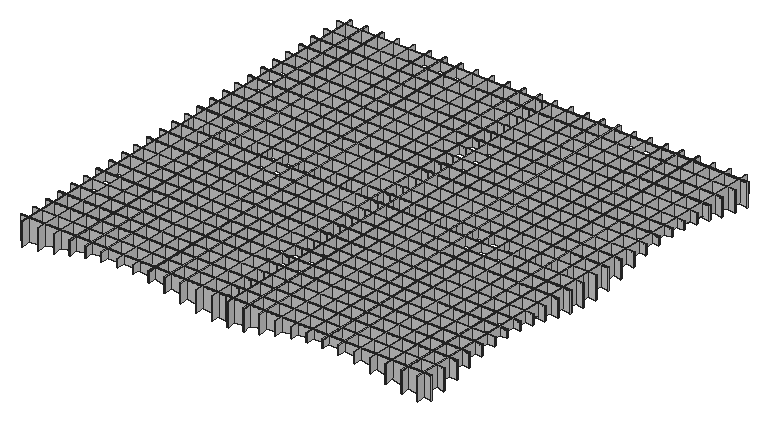
Revit family "CLD-WFL-002_RFA", category Modelos genéricos, Revit 2022 (continued)
Forms (in)
  Extrusion 290, solid
    sketch origin (95.66311, 216, 0) x (0, -1, 0) y (0, 0, 1)
      loop
        spline (29.30922, 5.35101) -> (29.95995, 5.42391) -> (30.61094, 5.49516) -> (31.26223, 5.56472) -> (31.91387, 5.63257) -> (32.56591, 5.69867) -> (33.21841, 5.763) -> (33.87141, 5.82551) -> (34.52497, 5.88618) -> (35.17914, 5.94498) -> (35.83396, 6.00187) -> (36.48949, 6.05683) -> (37.14578, 6.10982)
        spline (37.14578, 6.10982) -> (37.87194, 6.16453) -> (38.59907, 6.21702) -> (39.32723, 6.26723) -> (40.05647, 6.31514) -> (40.78684, 6.36072) -> (41.51831, 6.40397) -> (42.25083, 6.44489) -> (42.98434, 6.4835) -> (43.71879, 6.51981) -> (44.45413, 6.55383) -> (45.19029, 6.58557) -> (45.92722, 6.61503)
        spline (45.92722, 6.61503) -> (46.57816, 6.6376) -> (47.22964, 6.65822) -> (47.88162, 6.67689) -> (48.53404, 6.69363) -> (49.18687, 6.70845) -> (49.84004, 6.72134) -> (50.49352, 6.73234) -> (51.14725, 6.74143) -> (51.80119, 6.74863) -> (52.45529, 6.75396) -> (53.1095, 6.75742) -> (53.76378, 6.75901)
        spline (53.76378, 6.75901) -> (54.49695, 6.7572) -> (55.23004, 6.75331) -> (55.96301, 6.74732) -> (56.6958, 6.73922) -> (57.42835, 6.72901) -> (58.16062, 6.71667) -> (58.89255, 6.7022) -> (59.62408, 6.68557) -> (60.35517, 6.66679) -> (61.08576, 6.64585) -> (61.81579, 6.62272) -> (62.54522, 6.59741)
        spline (62.54522, 6.59741) -> (63.20286, 6.57112) -> (63.85981, 6.54281) -> (64.51602, 6.51247) -> (65.17144, 6.48008) -> (65.82603, 6.44563) -> (66.47973, 6.40912) -> (67.1325, 6.37054) -> (67.78428, 6.32988) -> (68.43505, 6.28713) -> (69.08486, 6.24233) -> (69.73376, 6.19551) -> (70.38178, 6.14669)
        spline (70.38178, 6.14669) -> (71.1172, 6.08737) -> (71.85177, 6.02584) -> (72.58554, 5.96214) -> (73.31858, 5.89631) -> (74.05094, 5.82838) -> (74.78268, 5.75838) -> (75.51386, 5.68636) -> (76.24452, 5.61234) -> (76.97473, 5.53637) -> (77.70455, 5.45847) -> (78.43403, 5.37869) -> (79.16322, 5.29705)
        spline (79.16322, 5.29705) -> (79.81589, 5.22111) -> (80.46845, 5.14359) -> (81.12094, 5.06452) -> (81.77342, 4.98394) -> (82.42595, 4.90188) -> (83.07858, 4.81837) -> (83.73137, 4.73344) -> (84.38439, 4.64713) -> (85.03768, 4.55947) -> (85.6913, 4.47048) -> (86.34531, 4.3802) -> (86.99978, 4.28866)
        spline (86.99978, 4.28866) -> (87.72677, 4.18488) -> (88.45442, 4.07981) -> (89.1828, 3.97349) -> (89.91197, 3.86595) -> (90.64199, 3.75723) -> (91.37293, 3.64737) -> (92.10485, 3.53639) -> (92.8378, 3.42433) -> (93.57186, 3.31123) -> (94.30709, 3.19712) -> (95.04354, 3.08203) -> (95.78122, 2.96599)
        spline (95.78122, 2.96599) -> (96.4698, 2.85601) -> (97.15931, 2.74512) -> (97.84968, 2.63332) -> (98.54085, 2.52058) -> (99.23273, 2.40692) -> (99.92527, 2.2923) -> (100.61838, 2.17673) -> (101.31201, 2.06019) -> (102.00608, 1.94268) -> (102.70052, 1.82418) -> (103.39525, 1.70469) -> (104.09022, 1.58418)
        spline (104.09022, 1.58418) -> (104.41609, 1.52715) -> (104.74197, 1.46988) -> (105.06787, 1.41237) -> (105.39376, 1.35462) -> (105.71965, 1.29662) -> (106.04553, 1.23838) -> (106.37138, 1.1799) -> (106.6972, 1.12116) -> (107.02298, 1.06219) -> (107.34871, 1.00296) -> (107.67439, 0.94348) -> (108, 0.88375)
        line (108, 0.88375) -> (108, 11.82144)
    from -0.11811 to 0.35433
  Extrusion 291, solid
    sketch origin (95.78122, 216, 0) x (0, -1, 0) y (0, 0, 1)
      loop
        line (108, 11.82144) -> (0, 11.82144) -> (0, 0.88375)
        spline (0, 0.88375) -> (0.32561, 0.94348) -> (0.65129, 1.00296) -> (0.97702, 1.06219) -> (1.3028, 1.12116) -> (1.62862, 1.1799) -> (1.95447, 1.23838) -> (2.28035, 1.29662) -> (2.60624, 1.35462) -> (2.93213, 1.41237) -> (3.25803, 1.46988) -> (3.58391, 1.52715) -> (3.90978, 1.58418)
        spline (3.90978, 1.58418) -> (4.64426, 1.71122) -> (5.37851, 1.8372) -> (6.11243, 1.96212) -> (6.84596, 2.086) -> (7.57903, 2.20885) -> (8.31155, 2.33067) -> (9.04347, 2.45149) -> (9.77469, 2.57131) -> (10.50515, 2.69014) -> (11.23478, 2.80798) -> (11.96349, 2.92486) -> (12.69122, 3.04079)
        spline (12.69122, 3.04079) -> (13.34952, 3.14441) -> (14.00673, 3.24717) -> (14.66285, 3.34906) -> (15.31792, 3.45005) -> (15.97202, 3.55011) -> (16.62518, 3.64921) -> (17.27747, 3.74732) -> (17.92894, 3.8444) -> (18.57965, 3.94043) -> (19.22966, 4.03537) -> (19.87902, 4.12919) -> (20.52778, 4.22187)
        spline (20.52778, 4.22187) -> (21.26116, 4.32437) -> (21.99403, 4.42546) -> (22.72646, 4.52511) -> (23.45852, 4.62328) -> (24.19027, 4.71993) -> (24.92177, 4.81503) -> (25.6531, 4.90854) -> (26.3843, 5.00042) -> (27.11545, 5.09065) -> (27.84662, 5.17918) -> (28.57786, 5.26598) -> (29.30922, 5.35101)
        spline (29.30922, 5.35101) -> (29.95995, 5.42391) -> (30.61094, 5.49516) -> (31.26223, 5.56472) -> (31.91387, 5.63257) -> (32.56591, 5.69867) -> (33.21841, 5.763) -> (33.87141, 5.82551) -> (34.52497, 5.88618) -> (35.17914, 5.94498) -> (35.83396, 6.00187) -> (36.48949, 6.05683) -> (37.14578, 6.10982)
        spline (37.14578, 6.10982) -> (37.87194, 6.16453) -> (38.59907, 6.21702) -> (39.32723, 6.26723) -> (40.05647, 6.31514) -> (40.78684, 6.36072) -> (41.51831, 6.40397) -> (42.25083, 6.44489) -> (42.98434, 6.4835) -> (43.71879, 6.51981) -> (44.45413, 6.55383) -> (45.19029, 6.58557) -> (45.92722, 6.61503)
        spline (45.92722, 6.61503) -> (46.57816, 6.6376) -> (47.22964, 6.65822) -> (47.88162, 6.67689) -> (48.53404, 6.69363) -> (49.18687, 6.70845) -> (49.84004, 6.72134) -> (50.49352, 6.73234) -> (51.14725, 6.74143) -> (51.80119, 6.74863) -> (52.45529, 6.75396) -> (53.1095, 6.75742) -> (53.76378, 6.75901)
        spline (53.76378, 6.75901) -> (54.49695, 6.7572) -> (55.23004, 6.75331) -> (55.96301, 6.74732) -> (56.6958, 6.73922) -> (57.42835, 6.72901) -> (58.16062, 6.71667) -> (58.89255, 6.7022) -> (59.62408, 6.68557) -> (60.35517, 6.66679) -> (61.08576, 6.64585) -> (61.81579, 6.62272) -> (62.54522, 6.59741)
        spline (62.54522, 6.59741) -> (63.20286, 6.57112) -> (63.85981, 6.54281) -> (64.51602, 6.51247) -> (65.17144, 6.48008) -> (65.82603, 6.44563) -> (66.47973, 6.40912) -> (67.1325, 6.37054) -> (67.78428, 6.32988) -> (68.43505, 6.28713) -> (69.08486, 6.24233) -> (69.73376, 6.19551) -> (70.38178, 6.14669)
        spline (70.38178, 6.14669) -> (71.1172, 6.08737) -> (71.85177, 6.02584) -> (72.58554, 5.96214) -> (73.31858, 5.89631) -> (74.05094, 5.82838) -> (74.78268, 5.75838) -> (75.51386, 5.68636) -> (76.24452, 5.61234) -> (76.97473, 5.53637) -> (77.70455, 5.45847) -> (78.43403, 5.37869) -> (79.16322, 5.29705)
        spline (79.16322, 5.29705) -> (79.81589, 5.22111) -> (80.46845, 5.14359) -> (81.12094, 5.06452) -> (81.77342, 4.98394) -> (82.42595, 4.90188) -> (83.07858, 4.81837) -> (83.73137, 4.73344) -> (84.38439, 4.64713) -> (85.03768, 4.55947) -> (85.6913, 4.47048) -> (86.34531, 4.3802) -> (86.99978, 4.28866)
        spline (86.99978, 4.28866) -> (87.72677, 4.18488) -> (88.45442, 4.07981) -> (89.1828, 3.97349) -> (89.91197, 3.86595) -> (90.64199, 3.75723) -> (91.37293, 3.64737) -> (92.10485, 3.53639) -> (92.8378, 3.42433) -> (93.57186, 3.31123) -> (94.30709, 3.19712) -> (95.04354, 3.08203) -> (95.78122, 2.96599)
        spline (95.78122, 2.96599) -> (96.4698, 2.85601) -> (97.15931, 2.74512) -> (97.84968, 2.63332) -> (98.54085, 2.52058) -> (99.23273, 2.40692) -> (99.92527, 2.2923) -> (100.61838, 2.17673) -> (101.31201, 2.06019) -> (102.00608, 1.94268) -> (102.70052, 1.82418) -> (103.39525, 1.70469) -> (104.09022, 1.58418)
        spline (104.09022, 1.58418) -> (104.41609, 1.52715) -> (104.74197, 1.46988) -> (105.06787, 1.41237) -> (105.39376, 1.35462) -> (105.71965, 1.29662) -> (106.04553, 1.23838) -> (106.37138, 1.1799) -> (106.6972, 1.12116) -> (107.02298, 1.06219) -> (107.34871, 1.00296) -> (107.67439, 0.94348) -> (108, 0.88375)
        line (108, 0.88375) -> (108, 11.82144)
    from -0.11811 to 0
  Extrusion 292, solid
    sketch origin (103.49967, 216, 0) x (0, -1, 0) y (0, 0, 1)
      loop
        line (108, 11.82144) -> (0, 11.82144) -> (0, 0)
        spline (0, 0) -> (0.32561, 0.03535) -> (0.65129, 0.07108) -> (0.97702, 0.10719) -> (1.3028, 0.14369) -> (1.62862, 0.18058) -> (1.95447, 0.21788) -> (2.28035, 0.25557) -> (2.60624, 0.29369) -> (2.93213, 0.33222) -> (3.25803, 0.37118) -> (3.58391, 0.41056) -> (3.90978, 0.45039)
        spline (3.90978, 0.45039) -> (4.64427, 0.54331) -> (5.37851, 0.63835) -> (6.11243, 0.73557) -> (6.84597, 0.83501) -> (7.57904, 0.93675) -> (8.31156, 1.04084) -> (9.04347, 1.14734) -> (9.7747, 1.25631) -> (10.50516, 1.36779) -> (11.23478, 1.48186) -> (11.96349, 1.59857) -> (12.69122, 1.71798)
        spline (12.69122, 1.71798) -> (13.38922, 1.83797) -> (14.08606, 1.96074) -> (14.78174, 2.08623) -> (15.47631, 2.21426) -> (16.16984, 2.34463) -> (16.86238, 2.47718) -> (17.55399, 2.61172) -> (18.24473, 2.74807) -> (18.93467, 2.88604) -> (19.62386, 3.02546) -> (20.31235, 3.16614) -> (21.00022, 3.30789)
        spline (21.00022, 3.30789) -> (21.65469, 3.44372) -> (22.3087, 3.5801) -> (22.96232, 3.71687) -> (23.61561, 3.85384) -> (24.26863, 3.99083) -> (24.92142, 4.12768) -> (25.57405, 4.2642) -> (26.22658, 4.40021) -> (26.87906, 4.53554) -> (27.53155, 4.67001) -> (28.18411, 4.80344) -> (28.83678, 4.93566)
        spline (28.83678, 4.93566) -> (29.71888, 5.11051) -> (30.60133, 5.28308) -> (31.48418, 5.45313) -> (32.36752, 5.62042) -> (33.25139, 5.78471) -> (34.13589, 5.94577) -> (35.02106, 6.10336) -> (35.90699, 6.25724) -> (36.79374, 6.40717) -> (37.68137, 6.55291) -> (38.56997, 6.69423) -> (39.45958, 6.83089)
        spline (39.45958, 6.83089) -> (39.81456, 6.88206) -> (40.17002, 6.93114) -> (40.52597, 6.97806) -> (40.88246, 7.0227) -> (41.2395, 7.065) -> (41.59707, 7.10495) -> (41.95516, 7.14258) -> (42.31373, 7.17791) -> (42.67277, 7.21097) -> (43.03223, 7.2418) -> (43.3921, 7.27043) -> (43.75234, 7.29687)
        spline (43.75234, 7.29687) -> (44.62318, 7.35197) -> (45.49474, 7.40207) -> (46.36696, 7.44722) -> (47.23979, 7.48751) -> (48.11314, 7.52299) -> (48.98697, 7.55374) -> (49.8612, 7.57983) -> (50.73577, 7.60132) -> (51.61063, 7.61828) -> (52.48569, 7.63078) -> (53.36091, 7.63889) -> (54.23622, 7.64268)
        spline (54.23622, 7.64268) -> (54.8905, 7.63994) -> (55.54471, 7.63396) -> (56.19881, 7.62471) -> (56.85275, 7.61212) -> (57.50648, 7.59614) -> (58.15996, 7.57673) -> (58.81313, 7.55383) -> (59.46596, 7.5274) -> (60.11838, 7.49738) -> (60.77036, 7.46371) -> (61.42184, 7.42635) -> (62.07278, 7.38525)
        spline (62.07278, 7.38525) -> (62.80971, 7.33115) -> (63.54587, 7.27259) -> (64.28121, 7.20951) -> (65.01566, 7.14186) -> (65.74917, 7.06957) -> (66.48169, 6.99259) -> (67.21316, 6.91086) -> (67.94353, 6.82432) -> (68.67277, 6.73297) -> (69.40093, 6.637) -> (70.12806, 6.53658) -> (70.85422, 6.4319)
        spline (70.85422, 6.4319) -> (71.51051, 6.33081) -> (72.16604, 6.22628) -> (72.82086, 6.11849) -> (73.47503, 6.00761) -> (74.12859, 5.89382) -> (74.78159, 5.7773) -> (75.43409, 5.65821) -> (76.08613, 5.53673) -> (76.73777, 5.41305) -> (77.38906, 5.28733) -> (78.04005, 5.15975) -> (78.69078, 5.03049)
        spline (78.69078, 5.03049) -> (79.42214, 4.88265) -> (80.15338, 4.73345) -> (80.88454, 4.58309) -> (81.6157, 4.43177) -> (82.3469, 4.27969) -> (83.07823, 4.12703) -> (83.80973, 3.97401) -> (84.54148, 3.82083) -> (85.27354, 3.66767) -> (86.00597, 3.51473) -> (86.73884, 3.36223) -> (87.47222, 3.21035)
        spline (87.47222, 3.21035) -> (88.12098, 3.07725) -> (88.77034, 2.94516) -> (89.42035, 2.81427) -> (90.07106, 2.68474) -> (90.72253, 2.55674) -> (91.37482, 2.43044) -> (92.02798, 2.30602) -> (92.68208, 2.18365) -> (93.33715, 2.0635) -> (93.99327, 1.94575) -> (94.65048, 1.83055) -> (95.30878, 1.71798)
        spline (95.30878, 1.71798) -> (96.03651, 1.59857) -> (96.76522, 1.48186) -> (97.49484, 1.36779) -> (98.2253, 1.25631) -> (98.95653, 1.14734) -> (99.68844, 1.04084) -> (100.42096, 0.93675) -> (101.15403, 0.83501) -> (101.88757, 0.73557) -> (102.62149, 0.63835) -> (103.35573, 0.54331) -> (104.09022, 0.45039)
        spline (104.09022, 0.45039) -> (104.41609, 0.41056) -> (104.74197, 0.37118) -> (105.06787, 0.33222) -> (105.39376, 0.29369) -> (105.71965, 0.25557) -> (106.04553, 0.21788) -> (106.37138, 0.18058) -> (106.6972, 0.14369) -> (107.02298, 0.10719) -> (107.34871, 0.07108) -> (107.67439, 0.03535) -> (108, 0)
        line (108, 0) -> (108, 11.82144)
    from -0.11811 to 0
  Extrusion 293, solid
    sketch origin (104.09022, 216, 0) x (0, -1, 0) y (0, 0, 1)
      loop
        line (108, 11.82144) -> (0, 11.82144) -> (0, 0)
        spline (0, 0) -> (0.32561, 0.03535) -> (0.65129, 0.07108) -> (0.97702, 0.10719) -> (1.3028, 0.14369) -> (1.62862, 0.18058) -> (1.95447, 0.21788) -> (2.28035, 0.25557) -> (2.60624, 0.29369) -> (2.93213, 0.33222) -> (3.25803, 0.37118) -> (3.58391, 0.41056) -> (3.90978, 0.45039)
        spline (3.90978, 0.45039) -> (4.64427, 0.54331) -> (5.37851, 0.63835) -> (6.11243, 0.73557) -> (6.84597, 0.83501) -> (7.57904, 0.93675) -> (8.31156, 1.04084) -> (9.04347, 1.14734) -> (9.7747, 1.25631) -> (10.50516, 1.36779) -> (11.23478, 1.48186) -> (11.96349, 1.59857) -> (12.69122, 1.71798)
        spline (12.69122, 1.71798) -> (13.38922, 1.83797) -> (14.08606, 1.96074) -> (14.78174, 2.08623) -> (15.47631, 2.21426) -> (16.16984, 2.34463) -> (16.86238, 2.47718) -> (17.55399, 2.61172) -> (18.24473, 2.74807) -> (18.93467, 2.88604) -> (19.62386, 3.02546) -> (20.31235, 3.16614) -> (21.00022, 3.30789)
        spline (21.00022, 3.30789) -> (21.65469, 3.44372) -> (22.3087, 3.5801) -> (22.96232, 3.71687) -> (23.61561, 3.85384) -> (24.26863, 3.99083) -> (24.92142, 4.12768) -> (25.57405, 4.2642) -> (26.22658, 4.40021) -> (26.87906, 4.53554) -> (27.53155, 4.67001) -> (28.18411, 4.80344) -> (28.83678, 4.93566)
        spline (28.83678, 4.93566) -> (29.71888, 5.11051) -> (30.60133, 5.28308) -> (31.48418, 5.45313) -> (32.36752, 5.62042) -> (33.25139, 5.78471) -> (34.13589, 5.94577) -> (35.02106, 6.10336) -> (35.90699, 6.25724) -> (36.79374, 6.40717) -> (37.68137, 6.55291) -> (38.56997, 6.69423) -> (39.45958, 6.83089)
        spline (39.45958, 6.83089) -> (39.81456, 6.88206) -> (40.17002, 6.93114) -> (40.52597, 6.97806) -> (40.88246, 7.0227) -> (41.2395, 7.065) -> (41.59707, 7.10495) -> (41.95516, 7.14258) -> (42.31373, 7.17791) -> (42.67277, 7.21097) -> (43.03223, 7.2418) -> (43.3921, 7.27043) -> (43.75234, 7.29687)
        spline (43.75234, 7.29687) -> (44.62318, 7.35197) -> (45.49474, 7.40207) -> (46.36696, 7.44722) -> (47.23979, 7.48751) -> (48.11314, 7.52299) -> (48.98697, 7.55374) -> (49.8612, 7.57983) -> (50.73577, 7.60132) -> (51.61063, 7.61828) -> (52.48569, 7.63078) -> (53.36091, 7.63889) -> (54.23622, 7.64268)
        spline (54.23622, 7.64268) -> (54.8905, 7.63994) -> (55.54471, 7.63396) -> (56.19881, 7.62471) -> (56.85275, 7.61212) -> (57.50648, 7.59614) -> (58.15996, 7.57673) -> (58.81313, 7.55383) -> (59.46596, 7.5274) -> (60.11838, 7.49738) -> (60.77036, 7.46371) -> (61.42184, 7.42635) -> (62.07278, 7.38525)
        spline (62.07278, 7.38525) -> (62.80971, 7.33115) -> (63.54587, 7.27259) -> (64.28121, 7.20951) -> (65.01566, 7.14186) -> (65.74917, 7.06957) -> (66.48169, 6.99259) -> (67.21316, 6.91086) -> (67.94353, 6.82432) -> (68.67277, 6.73297) -> (69.40093, 6.637) -> (70.12806, 6.53658) -> (70.85422, 6.4319)
        spline (70.85422, 6.4319) -> (71.51051, 6.33081) -> (72.16604, 6.22628) -> (72.82086, 6.11849) -> (73.47503, 6.00761) -> (74.12859, 5.89382) -> (74.78159, 5.7773) -> (75.43409, 5.65821) -> (76.08613, 5.53673) -> (76.73777, 5.41305) -> (77.38906, 5.28733) -> (78.04005, 5.15975) -> (78.69078, 5.03049)
        spline (78.69078, 5.03049) -> (79.42214, 4.88265) -> (80.15338, 4.73345) -> (80.88454, 4.58309) -> (81.6157, 4.43177) -> (82.3469, 4.27969) -> (83.07823, 4.12703) -> (83.80973, 3.97401) -> (84.54148, 3.82083) -> (85.27354, 3.66767) -> (86.00597, 3.51473) -> (86.73884, 3.36223) -> (87.47222, 3.21035)
        spline (87.47222, 3.21035) -> (88.12098, 3.07725) -> (88.77034, 2.94516) -> (89.42035, 2.81427) -> (90.07106, 2.68474) -> (90.72253, 2.55674) -> (91.37482, 2.43044) -> (92.02798, 2.30602) -> (92.68208, 2.18365) -> (93.33715, 2.0635) -> (93.99327, 1.94575) -> (94.65048, 1.83055) -> (95.30878, 1.71798)
        spline (95.30878, 1.71798) -> (96.03651, 1.59857) -> (96.76522, 1.48186) -> (97.49484, 1.36779) -> (98.2253, 1.25631) -> (98.95653, 1.14734) -> (99.68844, 1.04084) -> (100.42096, 0.93675) -> (101.15403, 0.83501) -> (101.88757, 0.73557) -> (102.62149, 0.63835) -> (103.35573, 0.54331) -> (104.09022, 0.45039)
        spline (104.09022, 0.45039) -> (104.41609, 0.41056) -> (104.74197, 0.37118) -> (105.06787, 0.33222) -> (105.39376, 0.29369) -> (105.71965, 0.25557) -> (106.04553, 0.21788) -> (106.37138, 0.18058) -> (106.6972, 0.14369) -> (107.02298, 0.10719) -> (107.34871, 0.07108) -> (107.67439, 0.03535) -> (108, 0)
        line (108, 0) -> (108, 11.82144)
    from -0.11811 to 0
  Extrusion 294, solid
    sketch origin (103.97211, 216, 0) x (0, -1, 0) y (0, 0, 1)
      loop
        line (108, 11.82144) -> (0, 11.82144) -> (0, 0)
        spline (0, 0) -> (0.32561, 0.03535) -> (0.65129, 0.07108) -> (0.97702, 0.10719) -> (1.3028, 0.14369) -> (1.62862, 0.18058) -> (1.95447, 0.21788) -> (2.28035, 0.25557) -> (2.60624, 0.29369) -> (2.93213, 0.33222) -> (3.25803, 0.37118) -> (3.58391, 0.41056) -> (3.90978, 0.45039)
        spline (3.90978, 0.45039) -> (4.64427, 0.54331) -> (5.37851, 0.63835) -> (6.11243, 0.73557) -> (6.84597, 0.83501) -> (7.57904, 0.93675) -> (8.31156, 1.04084) -> (9.04347, 1.14734) -> (9.7747, 1.25631) -> (10.50516, 1.36779) -> (11.23478, 1.48186) -> (11.96349, 1.59857) -> (12.69122, 1.71798)
        spline (12.69122, 1.71798) -> (13.38922, 1.83797) -> (14.08606, 1.96074) -> (14.78174, 2.08623) -> (15.47631, 2.21426) -> (16.16984, 2.34463) -> (16.86238, 2.47718) -> (17.55399, 2.61172) -> (18.24473, 2.74807) -> (18.93467, 2.88604) -> (19.62386, 3.02546) -> (20.31235, 3.16614) -> (21.00022, 3.30789)
        spline (21.00022, 3.30789) -> (21.65469, 3.44372) -> (22.3087, 3.5801) -> (22.96232, 3.71687) -> (23.61561, 3.85384) -> (24.26863, 3.99083) -> (24.92142, 4.12768) -> (25.57405, 4.2642) -> (26.22658, 4.40021) -> (26.87906, 4.53554) -> (27.53155, 4.67001) -> (28.18411, 4.80344) -> (28.83678, 4.93566)
        spline (28.83678, 4.93566) -> (29.71888, 5.11051) -> (30.60133, 5.28308) -> (31.48418, 5.45313) -> (32.36752, 5.62042) -> (33.25139, 5.78471) -> (34.13589, 5.94577) -> (35.02106, 6.10336) -> (35.90699, 6.25724) -> (36.79374, 6.40717) -> (37.68137, 6.55291) -> (38.56997, 6.69423) -> (39.45958, 6.83089)
        spline (39.45958, 6.83089) -> (39.81456, 6.88206) -> (40.17002, 6.93114) -> (40.52597, 6.97806) -> (40.88246, 7.0227) -> (41.2395, 7.065) -> (41.59707, 7.10495) -> (41.95516, 7.14258) -> (42.31373, 7.17791) -> (42.67277, 7.21097) -> (43.03223, 7.2418) -> (43.3921, 7.27043) -> (43.75234, 7.29687)
        spline (43.75234, 7.29687) -> (44.62318, 7.35197) -> (45.49474, 7.40207) -> (46.36696, 7.44722) -> (47.23979, 7.48751) -> (48.11314, 7.52299) -> (48.98697, 7.55374) -> (49.8612, 7.57983) -> (50.73577, 7.60132) -> (51.61063, 7.61828) -> (52.48569, 7.63078) -> (53.36091, 7.63889) -> (54.23622, 7.64268)
        spline (54.23622, 7.64268) -> (54.8905, 7.63994) -> (55.54471, 7.63396) -> (56.19881, 7.62471) -> (56.85275, 7.61212) -> (57.50648, 7.59614) -> (58.15996, 7.57673) -> (58.81313, 7.55383) -> (59.46596, 7.5274) -> (60.11838, 7.49738) -> (60.77036, 7.46371) -> (61.42184, 7.42635) -> (62.07278, 7.38525)
        spline (62.07278, 7.38525) -> (62.80971, 7.33115) -> (63.54587, 7.27259) -> (64.28121, 7.20951) -> (65.01566, 7.14186) -> (65.74917, 7.06957) -> (66.48169, 6.99259) -> (67.21316, 6.91086) -> (67.94353, 6.82432) -> (68.67277, 6.73297) -> (69.40093, 6.637) -> (70.12806, 6.53658) -> (70.85422, 6.4319)
        spline (70.85422, 6.4319) -> (71.51051, 6.33081) -> (72.16604, 6.22628) -> (72.82086, 6.11849) -> (73.47503, 6.00761) -> (74.12859, 5.89382) -> (74.78159, 5.7773) -> (75.43409, 5.65821) -> (76.08613, 5.53673) -> (76.73777, 5.41305) -> (77.38906, 5.28733) -> (78.04005, 5.15975) -> (78.69078, 5.03049)
        spline (78.69078, 5.03049) -> (79.42214, 4.88265) -> (80.15338, 4.73345) -> (80.88454, 4.58309) -> (81.6157, 4.43177) -> (82.3469, 4.27969) -> (83.07823, 4.12703) -> (83.80973, 3.97401) -> (84.54148, 3.82083) -> (85.27354, 3.66767) -> (86.00597, 3.51473) -> (86.73884, 3.36223) -> (87.47222, 3.21035)
        spline (87.47222, 3.21035) -> (88.12098, 3.07725) -> (88.77034, 2.94516) -> (89.42035, 2.81427) -> (90.07106, 2.68474) -> (90.72253, 2.55674) -> (91.37482, 2.43044) -> (92.02798, 2.30602) -> (92.68208, 2.18365) -> (93.33715, 2.0635) -> (93.99327, 1.94575) -> (94.65048, 1.83055) -> (95.30878, 1.71798)
        spline (95.30878, 1.71798) -> (96.03651, 1.59857) -> (96.76522, 1.48186) -> (97.49484, 1.36779) -> (98.2253, 1.25631) -> (98.95653, 1.14734) -> (99.68844, 1.04084) -> (100.42096, 0.93675) -> (101.15403, 0.83501) -> (101.88757, 0.73557) -> (102.62149, 0.63835) -> (103.35573, 0.54331) -> (104.09022, 0.45039)
        spline (104.09022, 0.45039) -> (104.41609, 0.41056) -> (104.74197, 0.37118) -> (105.06787, 0.33222) -> (105.39376, 0.29369) -> (105.71965, 0.25557) -> (106.04553, 0.21788) -> (106.37138, 0.18058) -> (106.6972, 0.14369) -> (107.02298, 0.10719) -> (107.34871, 0.07108) -> (107.67439, 0.03535) -> (108, 0)
        line (108, 0) -> (108, 11.82144)
    from -0.11811 to 0.35433
  Extrusion 295, solid
    sketch origin (108, 3.79167, 0) x (1, 0, 0) y (0, 0, 1)
      loop
        line (108, 11.82144) -> (0, 11.82144) -> (0, 0)
        spline (0, 0) -> (0.32561, 0.03535) -> (0.65129, 0.07108) -> (0.97702, 0.10719) -> (1.3028, 0.14369) -> (1.62862, 0.18058) -> (1.95447, 0.21788) -> (2.28035, 0.25557) -> (2.60624, 0.29369) -> (2.93213, 0.33222) -> (3.25803, 0.37118) -> (3.58391, 0.41056) -> (3.90978, 0.45039)
        spline (3.90978, 0.45039) -> (4.64427, 0.54331) -> (5.37851, 0.63835) -> (6.11243, 0.73557) -> (6.84597, 0.83501) -> (7.57904, 0.93675) -> (8.31156, 1.04084) -> (9.04347, 1.14734) -> (9.7747, 1.25631) -> (10.50516, 1.36779) -> (11.23478, 1.48186) -> (11.96349, 1.59857) -> (12.69122, 1.71798)
        spline (12.69122, 1.71798) -> (13.38922, 1.83797) -> (14.08606, 1.96074) -> (14.78174, 2.08623) -> (15.47631, 2.21426) -> (16.16984, 2.34463) -> (16.86238, 2.47718) -> (17.55399, 2.61172) -> (18.24473, 2.74807) -> (18.93467, 2.88604) -> (19.62386, 3.02546) -> (20.31235, 3.16614) -> (21.00022, 3.30789)
        spline (21.00022, 3.30789) -> (21.65469, 3.44372) -> (22.3087, 3.5801) -> (22.96232, 3.71687) -> (23.61561, 3.85384) -> (24.26863, 3.99083) -> (24.92142, 4.12768) -> (25.57405, 4.2642) -> (26.22658, 4.40021) -> (26.87906, 4.53554) -> (27.53155, 4.67001) -> (28.18411, 4.80344) -> (28.83678, 4.93566)
        spline (28.83678, 4.93566) -> (29.71888, 5.11051) -> (30.60133, 5.28308) -> (31.48418, 5.45313) -> (32.36752, 5.62042) -> (33.25139, 5.78471) -> (34.13589, 5.94577) -> (35.02106, 6.10336) -> (35.90699, 6.25724) -> (36.79374, 6.40717) -> (37.68137, 6.55291) -> (38.56997, 6.69423) -> (39.45958, 6.83089)
        spline (39.45958, 6.83089) -> (39.81456, 6.88206) -> (40.17002, 6.93114) -> (40.52597, 6.97806) -> (40.88246, 7.0227) -> (41.2395, 7.065) -> (41.59707, 7.10495) -> (41.95516, 7.14258) -> (42.31373, 7.17791) -> (42.67277, 7.21097) -> (43.03223, 7.2418) -> (43.3921, 7.27043) -> (43.75234, 7.29687)
        spline (43.75234, 7.29687) -> (44.62318, 7.35197) -> (45.49474, 7.40207) -> (46.36696, 7.44722) -> (47.23979, 7.48751) -> (48.11314, 7.52299) -> (48.98697, 7.55374) -> (49.8612, 7.57983) -> (50.73577, 7.60132) -> (51.61063, 7.61828) -> (52.48569, 7.63078) -> (53.36091, 7.63889) -> (54.23622, 7.64268)
        spline (54.23622, 7.64268) -> (54.8905, 7.63994) -> (55.54471, 7.63396) -> (56.19881, 7.62471) -> (56.85275, 7.61212) -> (57.50648, 7.59614) -> (58.15996, 7.57673) -> (58.81313, 7.55383) -> (59.46596, 7.5274) -> (60.11838, 7.49738) -> (60.77036, 7.46371) -> (61.42184, 7.42635) -> (62.07278, 7.38525)
        spline (62.07278, 7.38525) -> (62.80971, 7.33115) -> (63.54587, 7.27259) -> (64.28121, 7.20951) -> (65.01566, 7.14186) -> (65.74917, 7.06957) -> (66.48169, 6.99259) -> (67.21316, 6.91086) -> (67.94353, 6.82432) -> (68.67277, 6.73297) -> (69.40093, 6.637) -> (70.12806, 6.53658) -> (70.85422, 6.4319)
        spline (70.85422, 6.4319) -> (71.51051, 6.33081) -> (72.16604, 6.22628) -> (72.82086, 6.11849) -> (73.47503, 6.00761) -> (74.12859, 5.89382) -> (74.78159, 5.7773) -> (75.43409, 5.65821) -> (76.08613, 5.53673) -> (76.73777, 5.41305) -> (77.38906, 5.28733) -> (78.04005, 5.15975) -> (78.69078, 5.03049)
        spline (78.69078, 5.03049) -> (79.42214, 4.88265) -> (80.15338, 4.73345) -> (80.88454, 4.58309) -> (81.6157, 4.43177) -> (82.3469, 4.27969) -> (83.07823, 4.12703) -> (83.80973, 3.97401) -> (84.54148, 3.82083) -> (85.27354, 3.66767) -> (86.00597, 3.51473) -> (86.73884, 3.36223) -> (87.47222, 3.21035)
        spline (87.47222, 3.21035) -> (88.12098, 3.07725) -> (88.77034, 2.94516) -> (89.42035, 2.81427) -> (90.07106, 2.68474) -> (90.72253, 2.55674) -> (91.37482, 2.43044) -> (92.02798, 2.30602) -> (92.68208, 2.18365) -> (93.33715, 2.0635) -> (93.99327, 1.94575) -> (94.65048, 1.83055) -> (95.30878, 1.71798)
        spline (95.30878, 1.71798) -> (96.03651, 1.59857) -> (96.76522, 1.48186) -> (97.49484, 1.36779) -> (98.2253, 1.25631) -> (98.95653, 1.14734) -> (99.68844, 1.04084) -> (100.42096, 0.93675) -> (101.15403, 0.83501) -> (101.88757, 0.73557) -> (102.62149, 0.63835) -> (103.35573, 0.54331) -> (104.09022, 0.45039)
        spline (104.09022, 0.45039) -> (104.41609, 0.41056) -> (104.74197, 0.37118) -> (105.06787, 0.33222) -> (105.39376, 0.29369) -> (105.71965, 0.25557) -> (106.04553, 0.21788) -> (106.37138, 0.18058) -> (106.6972, 0.14369) -> (107.02298, 0.10719) -> (107.34871, 0.07108) -> (107.67439, 0.03535) -> (108, 0)
        line (108, 0) -> (108, 11.82144)
    from -0.11811 to 0
  Extrusion 296, solid
    sketch origin (108, 4.38222, 0) x (1, 0, 0) y (0, 0, 1)
      loop
        line (108, 11.82144) -> (0, 11.82144) -> (0, 0)
        spline (0, 0) -> (0.32561, 0.03535) -> (0.65129, 0.07108) -> (0.97702, 0.10719) -> (1.3028, 0.14369) -> (1.62862, 0.18058) -> (1.95447, 0.21788) -> (2.28035, 0.25557) -> (2.60624, 0.29369) -> (2.93213, 0.33222) -> (3.25803, 0.37118) -> (3.58391, 0.41056) -> (3.90978, 0.45039)
        spline (3.90978, 0.45039) -> (4.64427, 0.54331) -> (5.37851, 0.63835) -> (6.11243, 0.73557) -> (6.84597, 0.83501) -> (7.57904, 0.93675) -> (8.31156, 1.04084) -> (9.04347, 1.14734) -> (9.7747, 1.25631) -> (10.50516, 1.36779) -> (11.23478, 1.48186) -> (11.96349, 1.59857) -> (12.69122, 1.71798)
        spline (12.69122, 1.71798) -> (13.38922, 1.83797) -> (14.08606, 1.96074) -> (14.78174, 2.08623) -> (15.47631, 2.21426) -> (16.16984, 2.34463) -> (16.86238, 2.47718) -> (17.55399, 2.61172) -> (18.24473, 2.74807) -> (18.93467, 2.88604) -> (19.62386, 3.02546) -> (20.31235, 3.16614) -> (21.00022, 3.30789)
        spline (21.00022, 3.30789) -> (21.65469, 3.44372) -> (22.3087, 3.5801) -> (22.96232, 3.71687) -> (23.61561, 3.85384) -> (24.26863, 3.99083) -> (24.92142, 4.12768) -> (25.57405, 4.2642) -> (26.22658, 4.40021) -> (26.87906, 4.53554) -> (27.53155, 4.67001) -> (28.18411, 4.80344) -> (28.83678, 4.93566)
        spline (28.83678, 4.93566) -> (29.71888, 5.11051) -> (30.60133, 5.28308) -> (31.48418, 5.45313) -> (32.36752, 5.62042) -> (33.25139, 5.78471) -> (34.13589, 5.94577) -> (35.02106, 6.10336) -> (35.90699, 6.25724) -> (36.79374, 6.40717) -> (37.68137, 6.55291) -> (38.56997, 6.69423) -> (39.45958, 6.83089)
        spline (39.45958, 6.83089) -> (39.81456, 6.88206) -> (40.17002, 6.93114) -> (40.52597, 6.97806) -> (40.88246, 7.0227) -> (41.2395, 7.065) -> (41.59707, 7.10495) -> (41.95516, 7.14258) -> (42.31373, 7.17791) -> (42.67277, 7.21097) -> (43.03223, 7.2418) -> (43.3921, 7.27043) -> (43.75234, 7.29687)
        spline (43.75234, 7.29687) -> (44.62318, 7.35197) -> (45.49474, 7.40207) -> (46.36696, 7.44722) -> (47.23979, 7.48751) -> (48.11314, 7.52299) -> (48.98697, 7.55374) -> (49.8612, 7.57983) -> (50.73577, 7.60132) -> (51.61063, 7.61828) -> (52.48569, 7.63078) -> (53.36091, 7.63889) -> (54.23622, 7.64268)
        spline (54.23622, 7.64268) -> (54.8905, 7.63994) -> (55.54471, 7.63396) -> (56.19881, 7.62471) -> (56.85275, 7.61212) -> (57.50648, 7.59614) -> (58.15996, 7.57673) -> (58.81313, 7.55383) -> (59.46596, 7.5274) -> (60.11838, 7.49738) -> (60.77036, 7.46371) -> (61.42184, 7.42635) -> (62.07278, 7.38525)
        spline (62.07278, 7.38525) -> (62.80971, 7.33115) -> (63.54587, 7.27259) -> (64.28121, 7.20951) -> (65.01566, 7.14186) -> (65.74917, 7.06957) -> (66.48169, 6.99259) -> (67.21316, 6.91086) -> (67.94353, 6.82432) -> (68.67277, 6.73297) -> (69.40093, 6.637) -> (70.12806, 6.53658) -> (70.85422, 6.4319)
        spline (70.85422, 6.4319) -> (71.51051, 6.33081) -> (72.16604, 6.22628) -> (72.82086, 6.11849) -> (73.47503, 6.00761) -> (74.12859, 5.89382) -> (74.78159, 5.7773) -> (75.43409, 5.65821) -> (76.08613, 5.53673) -> (76.73777, 5.41305) -> (77.38906, 5.28733) -> (78.04005, 5.15975) -> (78.69078, 5.03049)
        spline (78.69078, 5.03049) -> (79.42214, 4.88265) -> (80.15338, 4.73345) -> (80.88454, 4.58309) -> (81.6157, 4.43177) -> (82.3469, 4.27969) -> (83.07823, 4.12703) -> (83.80973, 3.97401) -> (84.54148, 3.82083) -> (85.27354, 3.66767) -> (86.00597, 3.51473) -> (86.73884, 3.36223) -> (87.47222, 3.21035)
        spline (87.47222, 3.21035) -> (88.12098, 3.07725) -> (88.77034, 2.94516) -> (89.42035, 2.81427) -> (90.07106, 2.68474) -> (90.72253, 2.55674) -> (91.37482, 2.43044) -> (92.02798, 2.30602) -> (92.68208, 2.18365) -> (93.33715, 2.0635) -> (93.99327, 1.94575) -> (94.65048, 1.83055) -> (95.30878, 1.71798)
        spline (95.30878, 1.71798) -> (96.03651, 1.59857) -> (96.76522, 1.48186) -> (97.49484, 1.36779) -> (98.2253, 1.25631) -> (98.95653, 1.14734) -> (99.68844, 1.04084) -> (100.42096, 0.93675) -> (101.15403, 0.83501) -> (101.88757, 0.73557) -> (102.62149, 0.63835) -> (103.35573, 0.54331) -> (104.09022, 0.45039)
        spline (104.09022, 0.45039) -> (104.41609, 0.41056) -> (104.74197, 0.37118) -> (105.06787, 0.33222) -> (105.39376, 0.29369) -> (105.71965, 0.25557) -> (106.04553, 0.21788) -> (106.37138, 0.18058) -> (106.6972, 0.14369) -> (107.02298, 0.10719) -> (107.34871, 0.07108) -> (107.67439, 0.03535) -> (108, 0)
        line (108, 0) -> (108, 11.82144)
    from -0.11811 to 0
  Extrusion 297, solid
    sketch origin (108, 4.26411, 0) x (1, 0, 0) y (0, 0, 1)
      loop
        line (108, 11.82144) -> (0, 11.82144) -> (0, 0)
        spline (0, 0) -> (0.32561, 0.03535) -> (0.65129, 0.07108) -> (0.97702, 0.10719) -> (1.3028, 0.14369) -> (1.62862, 0.18058) -> (1.95447, 0.21788) -> (2.28035, 0.25557) -> (2.60624, 0.29369) -> (2.93213, 0.33222) -> (3.25803, 0.37118) -> (3.58391, 0.41056) -> (3.90978, 0.45039)
        spline (3.90978, 0.45039) -> (4.64427, 0.54331) -> (5.37851, 0.63835) -> (6.11243, 0.73557) -> (6.84597, 0.83501) -> (7.57904, 0.93675) -> (8.31156, 1.04084) -> (9.04347, 1.14734) -> (9.7747, 1.25631) -> (10.50516, 1.36779) -> (11.23478, 1.48186) -> (11.96349, 1.59857) -> (12.69122, 1.71798)
        spline (12.69122, 1.71798) -> (13.38922, 1.83797) -> (14.08606, 1.96074) -> (14.78174, 2.08623) -> (15.47631, 2.21426) -> (16.16984, 2.34463) -> (16.86238, 2.47718) -> (17.55399, 2.61172) -> (18.24473, 2.74807) -> (18.93467, 2.88604) -> (19.62386, 3.02546) -> (20.31235, 3.16614) -> (21.00022, 3.30789)
        spline (21.00022, 3.30789) -> (21.65469, 3.44372) -> (22.3087, 3.5801) -> (22.96232, 3.71687) -> (23.61561, 3.85384) -> (24.26863, 3.99083) -> (24.92142, 4.12768) -> (25.57405, 4.2642) -> (26.22658, 4.40021) -> (26.87906, 4.53554) -> (27.53155, 4.67001) -> (28.18411, 4.80344) -> (28.83678, 4.93566)
        spline (28.83678, 4.93566) -> (29.71888, 5.11051) -> (30.60133, 5.28308) -> (31.48418, 5.45313) -> (32.36752, 5.62042) -> (33.25139, 5.78471) -> (34.13589, 5.94577) -> (35.02106, 6.10336) -> (35.90699, 6.25724) -> (36.79374, 6.40717) -> (37.68137, 6.55291) -> (38.56997, 6.69423) -> (39.45958, 6.83089)
        spline (39.45958, 6.83089) -> (39.81456, 6.88206) -> (40.17002, 6.93114) -> (40.52597, 6.97806) -> (40.88246, 7.0227) -> (41.2395, 7.065) -> (41.59707, 7.10495) -> (41.95516, 7.14258) -> (42.31373, 7.17791) -> (42.67277, 7.21097) -> (43.03223, 7.2418) -> (43.3921, 7.27043) -> (43.75234, 7.29687)
        spline (43.75234, 7.29687) -> (44.62318, 7.35197) -> (45.49474, 7.40207) -> (46.36696, 7.44722) -> (47.23979, 7.48751) -> (48.11314, 7.52299) -> (48.98697, 7.55374) -> (49.8612, 7.57983) -> (50.73577, 7.60132) -> (51.61063, 7.61828) -> (52.48569, 7.63078) -> (53.36091, 7.63889) -> (54.23622, 7.64268)
        spline (54.23622, 7.64268) -> (54.8905, 7.63994) -> (55.54471, 7.63396) -> (56.19881, 7.62471) -> (56.85275, 7.61212) -> (57.50648, 7.59614) -> (58.15996, 7.57673) -> (58.81313, 7.55383) -> (59.46596, 7.5274) -> (60.11838, 7.49738) -> (60.77036, 7.46371) -> (61.42184, 7.42635) -> (62.07278, 7.38525)
        spline (62.07278, 7.38525) -> (62.80971, 7.33115) -> (63.54587, 7.27259) -> (64.28121, 7.20951) -> (65.01566, 7.14186) -> (65.74917, 7.06957) -> (66.48169, 6.99259) -> (67.21316, 6.91086) -> (67.94353, 6.82432) -> (68.67277, 6.73297) -> (69.40093, 6.637) -> (70.12806, 6.53658) -> (70.85422, 6.4319)
        spline (70.85422, 6.4319) -> (71.51051, 6.33081) -> (72.16604, 6.22628) -> (72.82086, 6.11849) -> (73.47503, 6.00761) -> (74.12859, 5.89382) -> (74.78159, 5.7773) -> (75.43409, 5.65821) -> (76.08613, 5.53673) -> (76.73777, 5.41305) -> (77.38906, 5.28733) -> (78.04005, 5.15975) -> (78.69078, 5.03049)
        spline (78.69078, 5.03049) -> (79.42214, 4.88265) -> (80.15338, 4.73345) -> (80.88454, 4.58309) -> (81.6157, 4.43177) -> (82.3469, 4.27969) -> (83.07823, 4.12703) -> (83.80973, 3.97401) -> (84.54148, 3.82083) -> (85.27354, 3.66767) -> (86.00597, 3.51473) -> (86.73884, 3.36223) -> (87.47222, 3.21035)
        spline (87.47222, 3.21035) -> (88.12098, 3.07725) -> (88.77034, 2.94516) -> (89.42035, 2.81427) -> (90.07106, 2.68474) -> (90.72253, 2.55674) -> (91.37482, 2.43044) -> (92.02798, 2.30602) -> (92.68208, 2.18365) -> (93.33715, 2.0635) -> (93.99327, 1.94575) -> (94.65048, 1.83055) -> (95.30878, 1.71798)
        spline (95.30878, 1.71798) -> (96.03651, 1.59857) -> (96.76522, 1.48186) -> (97.49484, 1.36779) -> (98.2253, 1.25631) -> (98.95653, 1.14734) -> (99.68844, 1.04084) -> (100.42096, 0.93675) -> (101.15403, 0.83501) -> (101.88757, 0.73557) -> (102.62149, 0.63835) -> (103.35573, 0.54331) -> (104.09022, 0.45039)
        spline (104.09022, 0.45039) -> (104.41609, 0.41056) -> (104.74197, 0.37118) -> (105.06787, 0.33222) -> (105.39376, 0.29369) -> (105.71965, 0.25557) -> (106.04553, 0.21788) -> (106.37138, 0.18058) -> (106.6972, 0.14369) -> (107.02298, 0.10719) -> (107.34871, 0.07108) -> (107.67439, 0.03535) -> (108, 0)
        line (108, 0) -> (108, 11.82144)
    from -0.11811 to 0.35433
  Extrusion 298, solid
    sketch origin (108, 12.10067, 0) x (1, 0, 0) y (0, 0, 1)
      loop
        line (108, 11.82144) -> (0, 11.82144) -> (0, 0.88375)
        spline (0, 0.88375) -> (0.32561, 0.94348) -> (0.65129, 1.00296) -> (0.97702, 1.06219) -> (1.3028, 1.12116) -> (1.62862, 1.1799) -> (1.95447, 1.23838) -> (2.28035, 1.29662) -> (2.60624, 1.35462) -> (2.93213, 1.41237) -> (3.25803, 1.46988) -> (3.58391, 1.52715) -> (3.90978, 1.58418)
        spline (3.90978, 1.58418) -> (4.64426, 1.71122) -> (5.37851, 1.8372) -> (6.11243, 1.96212) -> (6.84596, 2.086) -> (7.57903, 2.20885) -> (8.31155, 2.33067) -> (9.04347, 2.45149) -> (9.77469, 2.57131) -> (10.50515, 2.69014) -> (11.23478, 2.80798) -> (11.96349, 2.92486) -> (12.69122, 3.04079)
        spline (12.69122, 3.04079) -> (13.34952, 3.14441) -> (14.00673, 3.24717) -> (14.66285, 3.34906) -> (15.31792, 3.45005) -> (15.97202, 3.55011) -> (16.62518, 3.64921) -> (17.27747, 3.74732) -> (17.92894, 3.8444) -> (18.57965, 3.94043) -> (19.22966, 4.03537) -> (19.87902, 4.12919) -> (20.52778, 4.22187)
        spline (20.52778, 4.22187) -> (21.26116, 4.32437) -> (21.99403, 4.42546) -> (22.72646, 4.52511) -> (23.45852, 4.62328) -> (24.19027, 4.71993) -> (24.92177, 4.81503) -> (25.6531, 4.90854) -> (26.3843, 5.00042) -> (27.11545, 5.09065) -> (27.84662, 5.17918) -> (28.57786, 5.26598) -> (29.30922, 5.35101)
        spline (29.30922, 5.35101) -> (29.95995, 5.42391) -> (30.61094, 5.49516) -> (31.26223, 5.56472) -> (31.91387, 5.63257) -> (32.56591, 5.69867) -> (33.21841, 5.763) -> (33.87141, 5.82551) -> (34.52497, 5.88618) -> (35.17914, 5.94498) -> (35.83396, 6.00187) -> (36.48949, 6.05683) -> (37.14578, 6.10982)
        spline (37.14578, 6.10982) -> (37.87194, 6.16453) -> (38.59907, 6.21702) -> (39.32723, 6.26723) -> (40.05647, 6.31514) -> (40.78684, 6.36072) -> (41.51831, 6.40397) -> (42.25083, 6.44489) -> (42.98434, 6.4835) -> (43.71879, 6.51981) -> (44.45413, 6.55383) -> (45.19029, 6.58557) -> (45.92722, 6.61503)
        spline (45.92722, 6.61503) -> (46.57816, 6.6376) -> (47.22964, 6.65822) -> (47.88162, 6.67689) -> (48.53404, 6.69363) -> (49.18687, 6.70845) -> (49.84004, 6.72134) -> (50.49352, 6.73234) -> (51.14725, 6.74143) -> (51.80119, 6.74863) -> (52.45529, 6.75396) -> (53.1095, 6.75742) -> (53.76378, 6.75901)
        spline (53.76378, 6.75901) -> (54.49695, 6.7572) -> (55.23004, 6.75331) -> (55.96301, 6.74732) -> (56.6958, 6.73922) -> (57.42835, 6.72901) -> (58.16062, 6.71667) -> (58.89255, 6.7022) -> (59.62408, 6.68557) -> (60.35517, 6.66679) -> (61.08576, 6.64585) -> (61.81579, 6.62272) -> (62.54522, 6.59741)
        spline (62.54522, 6.59741) -> (63.20286, 6.57112) -> (63.85981, 6.54281) -> (64.51602, 6.51247) -> (65.17144, 6.48008) -> (65.82603, 6.44563) -> (66.47973, 6.40912) -> (67.1325, 6.37054) -> (67.78428, 6.32988) -> (68.43505, 6.28713) -> (69.08486, 6.24233) -> (69.73376, 6.19551) -> (70.38178, 6.14669)
        spline (70.38178, 6.14669) -> (71.1172, 6.08737) -> (71.85177, 6.02584) -> (72.58554, 5.96214) -> (73.31858, 5.89631) -> (74.05094, 5.82838) -> (74.78268, 5.75838) -> (75.51386, 5.68636) -> (76.24452, 5.61234) -> (76.97473, 5.53637) -> (77.70455, 5.45847) -> (78.43403, 5.37869) -> (79.16322, 5.29705)
        spline (79.16322, 5.29705) -> (79.81589, 5.22111) -> (80.46845, 5.14359) -> (81.12094, 5.06452) -> (81.77342, 4.98394) -> (82.42595, 4.90188) -> (83.07858, 4.81837) -> (83.73137, 4.73344) -> (84.38439, 4.64713) -> (85.03768, 4.55947) -> (85.6913, 4.47048) -> (86.34531, 4.3802) -> (86.99978, 4.28866)
        spline (86.99978, 4.28866) -> (87.72677, 4.18488) -> (88.45442, 4.07981) -> (89.1828, 3.97349) -> (89.91197, 3.86595) -> (90.64199, 3.75723) -> (91.37293, 3.64737) -> (92.10485, 3.53639) -> (92.8378, 3.42433) -> (93.57186, 3.31123) -> (94.30709, 3.19712) -> (95.04354, 3.08203) -> (95.78122, 2.96599)
        spline (95.78122, 2.96599) -> (96.4698, 2.85601) -> (97.15931, 2.74512) -> (97.84968, 2.63332) -> (98.54085, 2.52058) -> (99.23273, 2.40692) -> (99.92527, 2.2923) -> (100.61838, 2.17673) -> (101.31201, 2.06019) -> (102.00608, 1.94268) -> (102.70052, 1.82418) -> (103.39525, 1.70469) -> (104.09022, 1.58418)
        spline (104.09022, 1.58418) -> (104.41609, 1.52715) -> (104.74197, 1.46988) -> (105.06787, 1.41237) -> (105.39376, 1.35462) -> (105.71965, 1.29662) -> (106.04553, 1.23838) -> (106.37138, 1.1799) -> (106.6972, 1.12116) -> (107.02298, 1.06219) -> (107.34871, 1.00296) -> (107.67439, 0.94348) -> (108, 0.88375)
        line (108, 0.88375) -> (108, 11.82144)
    from -0.11811 to 0
  Extrusion 299, solid
    sketch origin (108, 12.57311, 0) x (1, 0, 0) y (0, 0, 1)
      loop
        line (108, 11.82144) -> (0, 11.82144) -> (0, 0.88375)
        spline (0, 0.88375) -> (0.32561, 0.94348) -> (0.65129, 1.00296) -> (0.97702, 1.06219) -> (1.3028, 1.12116) -> (1.62862, 1.1799) -> (1.95447, 1.23838) -> (2.28035, 1.29662) -> (2.60624, 1.35462) -> (2.93213, 1.41237) -> (3.25803, 1.46988) -> (3.58391, 1.52715) -> (3.90978, 1.58418)
        spline (3.90978, 1.58418) -> (4.64426, 1.71122) -> (5.37851, 1.8372) -> (6.11243, 1.96212) -> (6.84596, 2.086) -> (7.57903, 2.20885) -> (8.31155, 2.33067) -> (9.04347, 2.45149) -> (9.77469, 2.57131) -> (10.50515, 2.69014) -> (11.23478, 2.80798) -> (11.96349, 2.92486) -> (12.69122, 3.04079)
        spline (12.69122, 3.04079) -> (13.34952, 3.14441) -> (14.00673, 3.24717) -> (14.66285, 3.34906) -> (15.31792, 3.45005) -> (15.97202, 3.55011) -> (16.62518, 3.64921) -> (17.27747, 3.74732) -> (17.92894, 3.8444) -> (18.57965, 3.94043) -> (19.22966, 4.03537) -> (19.87902, 4.12919) -> (20.52778, 4.22187)
        spline (20.52778, 4.22187) -> (21.26116, 4.32437) -> (21.99403, 4.42546) -> (22.72646, 4.52511) -> (23.45852, 4.62328) -> (24.19027, 4.71993) -> (24.92177, 4.81503) -> (25.6531, 4.90854) -> (26.3843, 5.00042) -> (27.11545, 5.09065) -> (27.84662, 5.17918) -> (28.57786, 5.26598) -> (29.30922, 5.35101)
        spline (29.30922, 5.35101) -> (29.95995, 5.42391) -> (30.61094, 5.49516) -> (31.26223, 5.56472) -> (31.91387, 5.63257) -> (32.56591, 5.69867) -> (33.21841, 5.763) -> (33.87141, 5.82551) -> (34.52497, 5.88618) -> (35.17914, 5.94498) -> (35.83396, 6.00187) -> (36.48949, 6.05683) -> (37.14578, 6.10982)
        spline (37.14578, 6.10982) -> (37.87194, 6.16453) -> (38.59907, 6.21702) -> (39.32723, 6.26723) -> (40.05647, 6.31514) -> (40.78684, 6.36072) -> (41.51831, 6.40397) -> (42.25083, 6.44489) -> (42.98434, 6.4835) -> (43.71879, 6.51981) -> (44.45413, 6.55383) -> (45.19029, 6.58557) -> (45.92722, 6.61503)
        spline (45.92722, 6.61503) -> (46.57816, 6.6376) -> (47.22964, 6.65822) -> (47.88162, 6.67689) -> (48.53404, 6.69363) -> (49.18687, 6.70845) -> (49.84004, 6.72134) -> (50.49352, 6.73234) -> (51.14725, 6.74143) -> (51.80119, 6.74863) -> (52.45529, 6.75396) -> (53.1095, 6.75742) -> (53.76378, 6.75901)
        spline (53.76378, 6.75901) -> (54.49695, 6.7572) -> (55.23004, 6.75331) -> (55.96301, 6.74732) -> (56.6958, 6.73922) -> (57.42835, 6.72901) -> (58.16062, 6.71667) -> (58.89255, 6.7022) -> (59.62408, 6.68557) -> (60.35517, 6.66679) -> (61.08576, 6.64585) -> (61.81579, 6.62272) -> (62.54522, 6.59741)
        spline (62.54522, 6.59741) -> (63.20286, 6.57112) -> (63.85981, 6.54281) -> (64.51602, 6.51247) -> (65.17144, 6.48008) -> (65.82603, 6.44563) -> (66.47973, 6.40912) -> (67.1325, 6.37054) -> (67.78428, 6.32988) -> (68.43505, 6.28713) -> (69.08486, 6.24233) -> (69.73376, 6.19551) -> (70.38178, 6.14669)
        spline (70.38178, 6.14669) -> (71.1172, 6.08737) -> (71.85177, 6.02584) -> (72.58554, 5.96214) -> (73.31858, 5.89631) -> (74.05094, 5.82838) -> (74.78268, 5.75838) -> (75.51386, 5.68636) -> (76.24452, 5.61234) -> (76.97473, 5.53637) -> (77.70455, 5.45847) -> (78.43403, 5.37869) -> (79.16322, 5.29705)
        spline (79.16322, 5.29705) -> (79.81589, 5.22111) -> (80.46845, 5.14359) -> (81.12094, 5.06452) -> (81.77342, 4.98394) -> (82.42595, 4.90188) -> (83.07858, 4.81837) -> (83.73137, 4.73344) -> (84.38439, 4.64713) -> (85.03768, 4.55947) -> (85.6913, 4.47048) -> (86.34531, 4.3802) -> (86.99978, 4.28866)
        spline (86.99978, 4.28866) -> (87.72677, 4.18488) -> (88.45442, 4.07981) -> (89.1828, 3.97349) -> (89.91197, 3.86595) -> (90.64199, 3.75723) -> (91.37293, 3.64737) -> (92.10485, 3.53639) -> (92.8378, 3.42433) -> (93.57186, 3.31123) -> (94.30709, 3.19712) -> (95.04354, 3.08203) -> (95.78122, 2.96599)
        spline (95.78122, 2.96599) -> (96.4698, 2.85601) -> (97.15931, 2.74512) -> (97.84968, 2.63332) -> (98.54085, 2.52058) -> (99.23273, 2.40692) -> (99.92527, 2.2923) -> (100.61838, 2.17673) -> (101.31201, 2.06019) -> (102.00608, 1.94268) -> (102.70052, 1.82418) -> (103.39525, 1.70469) -> (104.09022, 1.58418)
        spline (104.09022, 1.58418) -> (104.41609, 1.52715) -> (104.74197, 1.46988) -> (105.06787, 1.41237) -> (105.39376, 1.35462) -> (105.71965, 1.29662) -> (106.04553, 1.23838) -> (106.37138, 1.1799) -> (106.6972, 1.12116) -> (107.02298, 1.06219) -> (107.34871, 1.00296) -> (107.67439, 0.94348) -> (108, 0.88375)
        line (108, 0.88375) -> (108, 11.82144)
    from -0.11811 to 0.35433
  Extrusion 300, solid
    sketch origin (108, 20.40967, 0) x (1, 0, 0) y (0, 0, 1)
      loop
        line (108, 11.82144) -> (0, 11.82144) -> (0, 2.55729)
        spline (0, 2.55729) -> (0.32561, 2.61504) -> (0.65129, 2.67215) -> (0.97702, 2.72862) -> (1.3028, 2.78445) -> (1.62862, 2.83963) -> (1.95447, 2.89415) -> (2.28035, 2.94802) -> (2.60624, 3.00123) -> (2.93213, 3.05379) -> (3.25803, 3.10567) -> (3.58391, 3.15689) -> (3.90978, 3.20744)
        spline (3.90978, 3.20744) -> (4.64427, 3.31686) -> (5.37851, 3.42317) -> (6.11243, 3.52634) -> (6.84596, 3.62635) -> (7.57903, 3.72316) -> (8.31156, 3.81675) -> (9.04347, 3.90709) -> (9.77469, 3.99415) -> (10.50515, 4.07789) -> (11.23478, 4.1583) -> (11.96349, 4.23534) -> (12.69122, 4.30898)
        spline (12.69122, 4.30898) -> (13.34952, 4.37039) -> (14.00673, 4.4286) -> (14.66285, 4.48364) -> (15.31792, 4.53559) -> (15.97202, 4.58455) -> (16.62518, 4.63059) -> (17.27747, 4.67381) -> (17.92894, 4.71429) -> (18.57965, 4.75212) -> (19.22966, 4.78738) -> (19.87902, 4.82016) -> (20.52778, 4.85054)
        spline (20.52778, 4.85054) -> (21.26115, 4.88062) -> (21.99402, 4.90823) -> (22.72646, 4.93347) -> (23.45851, 4.95644) -> (24.19026, 4.97724) -> (24.92176, 4.99598) -> (25.65309, 5.01275) -> (26.38429, 5.02764) -> (27.11545, 5.04077) -> (27.84661, 5.05223) -> (28.57785, 5.06211) -> (29.30922, 5.07053)
        spline (29.30922, 5.07053) -> (29.95995, 5.07584) -> (30.61094, 5.08009) -> (31.26223, 5.08336) -> (31.91387, 5.08574) -> (32.56591, 5.08733) -> (33.21841, 5.0882) -> (33.87141, 5.08846) -> (34.52497, 5.08817) -> (35.17914, 5.08744) -> (35.83396, 5.08636) -> (36.48949, 5.085) -> (37.14578, 5.08346)
        spline (37.14578, 5.08346) -> (37.87194, 5.08165) -> (38.59907, 5.0799) -> (39.32723, 5.0783) -> (40.05647, 5.07696) -> (40.78684, 5.07594) -> (41.51831, 5.07527) -> (42.25083, 5.07491) -> (42.98434, 5.07483) -> (43.7188, 5.075) -> (44.45413, 5.07538) -> (45.19029, 5.07596) -> (45.92722, 5.0767)
        spline (45.92722, 5.0767) -> (46.57816, 5.07753) -> (47.22964, 5.07843) -> (47.88162, 5.07937) -> (48.53404, 5.08033) -> (49.18687, 5.08128) -> (49.84004, 5.0822) -> (50.49352, 5.08306) -> (51.14725, 5.08383) -> (51.80119, 5.0845) -> (52.45529, 5.08503) -> (53.1095, 5.0854) -> (53.76378, 5.08558)
        spline (53.76378, 5.08558) -> (54.49695, 5.08542) -> (55.23004, 5.08505) -> (55.96301, 5.0845) -> (56.6958, 5.0838) -> (57.42835, 5.08298) -> (58.16062, 5.08206) -> (58.89255, 5.08107) -> (59.62408, 5.08005) -> (60.35517, 5.07902) -> (61.08576, 5.07801) -> (61.81579, 5.07705) -> (62.54522, 5.07616)
        spline (62.54522, 5.07616) -> (63.20286, 5.07551) -> (63.85981, 5.075) -> (64.51602, 5.07466) -> (65.17144, 5.07452) -> (65.82603, 5.0746) -> (66.47973, 5.07493) -> (67.1325, 5.07554) -> (67.78428, 5.07645) -> (68.43505, 5.07766) -> (69.08486, 5.07909) -> (69.73376, 5.08066) -> (70.38178, 5.08229)
        spline (70.38178, 5.08229) -> (71.1172, 5.08386) -> (71.85177, 5.08523) -> (72.58555, 5.08629) -> (73.31859, 5.08695) -> (74.05095, 5.08712) -> (74.78269, 5.08668) -> (75.51386, 5.08555) -> (76.24453, 5.08362) -> (76.97474, 5.08079) -> (77.70455, 5.07697) -> (78.43403, 5.07206) -> (79.16322, 5.06596)
        spline (79.16322, 5.06596) -> (79.81589, 5.05858) -> (80.46845, 5.04989) -> (81.12094, 5.0398) -> (81.77342, 5.02821) -> (82.42595, 5.01505) -> (83.07858, 5.00022) -> (83.73137, 4.98363) -> (84.38439, 4.9652) -> (85.03768, 4.94483) -> (85.6913, 4.92244) -> (86.34531, 4.89793) -> (86.99978, 4.87123)
        spline (86.99978, 4.87123) -> (87.72677, 4.83707) -> (88.45442, 4.80022) -> (89.18281, 4.7606) -> (89.91198, 4.7181) -> (90.642, 4.67263) -> (91.37294, 4.62408) -> (92.10486, 4.57237) -> (92.83781, 4.5174) -> (93.57187, 4.45907) -> (94.3071, 4.39728) -> (95.04355, 4.33194) -> (95.78122, 4.26301)
        spline (95.78122, 4.26301) -> (96.43065, 4.19725) -> (97.08095, 4.12847) -> (97.73207, 4.05667) -> (98.38393, 3.9819) -> (99.03648, 3.90417) -> (99.68963, 3.82352) -> (100.34334, 3.73996) -> (100.99753, 3.65352) -> (101.65213, 3.56424) -> (102.30709, 3.47213) -> (102.96233, 3.37722) -> (103.61778, 3.27954)
        spline (103.61778, 3.27954) -> (103.98302, 3.22342) -> (104.34828, 3.16655) -> (104.71355, 3.10893) -> (105.07882, 3.05057) -> (105.44409, 2.99146) -> (105.80934, 2.93162) -> (106.17456, 2.87105) -> (106.53976, 2.80974) -> (106.9049, 2.74771) -> (107.27, 2.68496) -> (107.63504, 2.62148) -> (108, 2.55729)
        line (108, 2.55729) -> (108, 11.82144)
    from -0.11811 to 0
  Extrusion 301, solid
    sketch origin (108, 20.52778, 0) x (1, 0, 0) y (0, 0, 1)
      loop
        line (108, 11.82144) -> (0, 11.82144) -> (0, 2.55729)
        spline (0, 2.55729) -> (0.32561, 2.61504) -> (0.65129, 2.67215) -> (0.97702, 2.72862) -> (1.3028, 2.78445) -> (1.62862, 2.83963) -> (1.95447, 2.89415) -> (2.28035, 2.94802) -> (2.60624, 3.00123) -> (2.93213, 3.05379) -> (3.25803, 3.10567) -> (3.58391, 3.15689) -> (3.90978, 3.20744)
        spline (3.90978, 3.20744) -> (4.64427, 3.31686) -> (5.37851, 3.42317) -> (6.11243, 3.52634) -> (6.84596, 3.62635) -> (7.57903, 3.72316) -> (8.31156, 3.81675) -> (9.04347, 3.90709) -> (9.77469, 3.99415) -> (10.50515, 4.07789) -> (11.23478, 4.1583) -> (11.96349, 4.23534) -> (12.69122, 4.30898)
        spline (12.69122, 4.30898) -> (13.34952, 4.37039) -> (14.00673, 4.4286) -> (14.66285, 4.48364) -> (15.31792, 4.53559) -> (15.97202, 4.58455) -> (16.62518, 4.63059) -> (17.27747, 4.67381) -> (17.92894, 4.71429) -> (18.57965, 4.75212) -> (19.22966, 4.78738) -> (19.87902, 4.82016) -> (20.52778, 4.85054)
        spline (20.52778, 4.85054) -> (21.26115, 4.88062) -> (21.99402, 4.90823) -> (22.72646, 4.93347) -> (23.45851, 4.95644) -> (24.19026, 4.97724) -> (24.92176, 4.99598) -> (25.65309, 5.01275) -> (26.38429, 5.02764) -> (27.11545, 5.04077) -> (27.84661, 5.05223) -> (28.57785, 5.06211) -> (29.30922, 5.07053)
        spline (29.30922, 5.07053) -> (29.95995, 5.07584) -> (30.61094, 5.08009) -> (31.26223, 5.08336) -> (31.91387, 5.08574) -> (32.56591, 5.08733) -> (33.21841, 5.0882) -> (33.87141, 5.08846) -> (34.52497, 5.08817) -> (35.17914, 5.08744) -> (35.83396, 5.08636) -> (36.48949, 5.085) -> (37.14578, 5.08346)
        spline (37.14578, 5.08346) -> (37.87194, 5.08165) -> (38.59907, 5.0799) -> (39.32723, 5.0783) -> (40.05647, 5.07696) -> (40.78684, 5.07594) -> (41.51831, 5.07527) -> (42.25083, 5.07491) -> (42.98434, 5.07483) -> (43.7188, 5.075) -> (44.45413, 5.07538) -> (45.19029, 5.07596) -> (45.92722, 5.0767)
        spline (45.92722, 5.0767) -> (46.57816, 5.07753) -> (47.22964, 5.07843) -> (47.88162, 5.07937) -> (48.53404, 5.08033) -> (49.18687, 5.08128) -> (49.84004, 5.0822) -> (50.49352, 5.08306) -> (51.14725, 5.08383) -> (51.80119, 5.0845) -> (52.45529, 5.08503) -> (53.1095, 5.0854) -> (53.76378, 5.08558)
        spline (53.76378, 5.08558) -> (54.49695, 5.08542) -> (55.23004, 5.08505) -> (55.96301, 5.0845) -> (56.6958, 5.0838) -> (57.42835, 5.08298) -> (58.16062, 5.08206) -> (58.89255, 5.08107) -> (59.62408, 5.08005) -> (60.35517, 5.07902) -> (61.08576, 5.07801) -> (61.81579, 5.07705) -> (62.54522, 5.07616)
        spline (62.54522, 5.07616) -> (63.20286, 5.07551) -> (63.85981, 5.075) -> (64.51602, 5.07466) -> (65.17144, 5.07452) -> (65.82603, 5.0746) -> (66.47973, 5.07493) -> (67.1325, 5.07554) -> (67.78428, 5.07645) -> (68.43505, 5.07766) -> (69.08486, 5.07909) -> (69.73376, 5.08066) -> (70.38178, 5.08229)
        spline (70.38178, 5.08229) -> (71.1172, 5.08386) -> (71.85177, 5.08523) -> (72.58555, 5.08629) -> (73.31859, 5.08695) -> (74.05095, 5.08712) -> (74.78269, 5.08668) -> (75.51386, 5.08555) -> (76.24453, 5.08362) -> (76.97474, 5.08079) -> (77.70455, 5.07697) -> (78.43403, 5.07206) -> (79.16322, 5.06596)
        spline (79.16322, 5.06596) -> (79.81589, 5.05858) -> (80.46845, 5.04989) -> (81.12094, 5.0398) -> (81.77342, 5.02821) -> (82.42595, 5.01505) -> (83.07858, 5.00022) -> (83.73137, 4.98363) -> (84.38439, 4.9652) -> (85.03768, 4.94483) -> (85.6913, 4.92244) -> (86.34531, 4.89793) -> (86.99978, 4.87123)
        spline (86.99978, 4.87123) -> (87.72677, 4.83707) -> (88.45442, 4.80022) -> (89.18281, 4.7606) -> (89.91198, 4.7181) -> (90.642, 4.67263) -> (91.37294, 4.62408) -> (92.10486, 4.57237) -> (92.83781, 4.5174) -> (93.57187, 4.45907) -> (94.3071, 4.39728) -> (95.04355, 4.33194) -> (95.78122, 4.26301)
        spline (95.78122, 4.26301) -> (96.43065, 4.19725) -> (97.08095, 4.12847) -> (97.73207, 4.05667) -> (98.38393, 3.9819) -> (99.03648, 3.90417) -> (99.68963, 3.82352) -> (100.34334, 3.73996) -> (100.99753, 3.65352) -> (101.65213, 3.56424) -> (102.30709, 3.47213) -> (102.96233, 3.37722) -> (103.61778, 3.27954)
